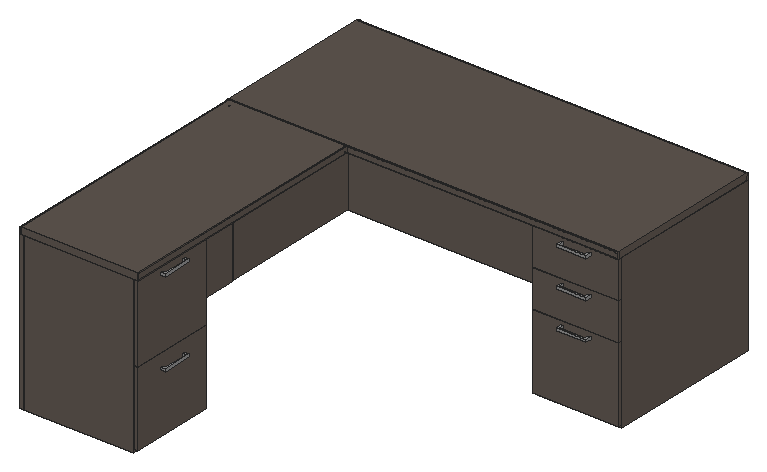
Revit family "T100296", category Furniture, Revit 2022 (continued)
Definition of nested family "OFS ELEMENT OPEN L DESK LEFT AND RIGHT 84in Width 60in Return"
  Dimensions and locks (in)
    aligned and locked: plane 38 to Extrusion 12 sketch curve  (x2)
    aligned and locked: plane 15 to Extrusion 12
    aligned and locked: Extrusion 12 to plane 39
    aligned and locked: Extrusion 13 sketch curve to Extrusion 8  (x2)
    aligned and locked: Extrusion 13 sketch curve to Extrusion 12  (x2)
    aligned and locked: Extrusion 13 to plane 40
    aligned and locked: plane 15 to Extrusion 13
    aligned and locked: Extrusion 14 sketch curve to Extrusion 8  (x2)
    aligned and locked: plane 29 to Extrusion 14 sketch curve
    aligned and locked: Extrusion 14 sketch curve to plane 38
    aligned and locked: Extrusion 14 to plane 39
    aligned and locked: plane 41 to Extrusion 14
    aligned and locked: Extrusion 15 to plane 41
    aligned and locked: Extrusion 16 to plane 41
    aligned and locked: Extrusion 17 to plane 41
    aligned and locked: plane 40 to Extrusion 15
    aligned and locked: plane 40 to Extrusion 16
    aligned and locked: plane 40 to Extrusion 17
    aligned and locked: plane 29 to Extrusion 18 sketch curve
    aligned and locked: plane 45 to Extrusion 18 sketch curve
    aligned and locked: Extrusion 18 sketch curve to plane 26
    aligned and locked: plane 45 to Extrusion 19
    aligned and locked: plane 29 to Extrusion 19
    aligned and locked: Extrusion 18 sketch curve to plane 34
    aligned and locked: Extrusion 19 to Extrusion 18 sketch curve
    aligned and locked: Extrusion 18 to Extrusion 19
    aligned and locked: Extrusion 20 sketch curve to plane 47
    aligned and locked: plane 35 to Extrusion 20 sketch curve
    aligned and locked: Extrusion 18 to Extrusion 20 sketch curve
    aligned and locked: Extrusion 20 sketch curve to Extrusion 18  (x2)
    aligned and locked: Extrusion 20 sketch curve to plane 48
    aligned and locked: plane 48 to Extrusion 20 sketch curve
    aligned and locked: Extrusion 21 sketch curve to Extrusion 18  (x2)
    aligned and locked: Extrusion 21 sketch curve to Extrusion 20  (x2)
    aligned and locked: Extrusion 22 sketch curve to Extrusion 18  (x2)
    aligned and locked: Extrusion 22 sketch curve to plane 29
    aligned and locked: plane 48 to Extrusion 22 sketch curve
    aligned and locked: Extrusion 26 to Extrusion 27 sketch curve
    aligned and locked: Extrusion 27 sketch curve to Extrusion 26
    aligned and locked: Extrusion 26 to Extrusion 33
    aligned and locked: plane 55 to Extrusion 35
    aligned and locked: plane 54 to Extrusion 35
  Automatic sketch dimensions
    Extrusion 1 sketch curve to plane 3 "Center Left/Right" = 0"
    plane 6 "Front External" to Extrusion 1 sketch curve = 0"
    Extrusion 1 sketch curve to plane 10 = 0"
    Extrusion 2 sketch curve to plane 3 "Center Left/Right" = 0"
    Extrusion 2 sketch curve to plane 10 = 0"
    Extrusion 2 sketch curve to plane 14 = 0"
    Extrusion 2 sketch curve to plane 13 = 0"
    Extrusion 3 sketch curve to plane 3 "Center Left/Right" = 0"
    Extrusion 3 sketch curve to plane 5 "Right External" = 0"
    Extrusion 3 sketch curve to plane 14 = 0"
    Extrusion 3 sketch curve to plane 4 "Back External" = 0"
    Extrusion 4 sketch curve to plane 21 = 0"
    Extrusion 4 sketch curve to plane 13 = 1.6154"
    Extrusion 5 sketch curve to plane 21 = 0"
    plane 14 to Extrusion 5 sketch curve = 1.6346"
    Extrusion 6 sketch curve to plane 20 = 0"
    Extrusion 6 sketch curve to plane 13 = 1.6154"
    Extrusion 7 sketch curve to plane 20 = 0"
    plane 14 to Extrusion 7 sketch curve = 1.6346"
    Extrusion 8 sketch curve to plane 7 "Left External" = 0"
    Extrusion 8 sketch curve to plane 11 = 0"
    Extrusion 9 sketch curve to plane 11 = 0"
    Extrusion 9 sketch curve to plane 27 = 0"
    Extrusion 9 sketch curve to plane 29 = 0"
    Extrusion 9 sketch curve to plane 34 = 0"
    Extrusion 10 sketch curve to plane 24 = 0"
    Extrusion 10 sketch curve to plane 33 = 0"
    plane 22 to Extrusion 10 sketch curve = 0"
    Extrusion 10 sketch curve to plane 23 = 0"
    Extrusion 11 sketch curve to plane 3 "Center Left/Right" = 0"
    plane 1 "Center Front/Back" to Extrusion 11 sketch curve = 0"
    Extrusion 11 sketch curve to plane 13 = 0"
    Extrusion 11 sketch curve to Extrusion 11 sketch curve = 1 3/16"
    Extrusion 12 sketch curve to plane 37 = 0"
    Extrusion 15 sketch curve to plane 36 = 0"
    Extrusion 15 sketch curve to plane 44 = 0"
    Extrusion 15 sketch curve to plane 43 = 1/8"
    plane 43 to Extrusion 15 sketch curve = 1/8"
    Extrusion 16 sketch curve to plane 36 = 0"
    Extrusion 16 sketch curve to plane 44 = 0"
    Extrusion 16 sketch curve to plane 32 = 1/8"
    plane 32 to Extrusion 16 sketch curve = 1/8"
    Extrusion 17 sketch curve to plane 36 = 0"
    Extrusion 17 sketch curve to plane 44 = 0"
    Extrusion 17 sketch curve to plane 42 = 1/8"
    plane 42 to Extrusion 17 sketch curve = 1/8"
    Extrusion 18 sketch curve to plane 5 "Right External" = 0"
    Extrusion 18 sketch curve to plane 10 = 0"
    Extrusion 18 sketch curve to plane 6 "Front External" = 0"
    Extrusion 19 sketch curve to plane 10 = 0"
    Extrusion 19 sketch curve to plane 28 = 0"
    Extrusion 19 sketch curve to plane 29 = 0"
    plane 34 to Extrusion 19 sketch curve = 0"
    plane 37 to Extrusion 20 sketch curve = 0"
    plane 20 to Extrusion 20 sketch curve = 11/16"
    Extrusion 23 sketch curve to plane 51 = 0"
    plane 43 to Extrusion 23 sketch curve = 1/8"
    Extrusion 23 sketch curve to plane 43 = 1/8"
    plane 20 to Extrusion 23 sketch curve = 11/16"
    Extrusion 24 sketch curve to plane 51 = 0"
    plane 32 to Extrusion 24 sketch curve = 1/8"
    Extrusion 24 sketch curve to plane 32 = 1/8"
    plane 20 to Extrusion 24 sketch curve = 11/16"
    Extrusion 25 sketch curve to plane 51 = 0"
    plane 42 to Extrusion 25 sketch curve = 1/8"
    Extrusion 25 sketch curve to plane 42 = 1/8"
    plane 20 to Extrusion 25 sketch curve = 11/16"
    Extrusion 26 sketch curve to plane 5 "Right External" = 0"
    Extrusion 26 sketch curve to plane 13 = 0"
    Extrusion 26 sketch curve to plane 11 = 0"
    Extrusion 26 sketch curve to plane 6 "Front External" = 0"
    plane 22 to Extrusion 26 sketch curve = 1/2"
    Extrusion 27 sketch curve to plane 3 "Center Left/Right" = 0"
    Extrusion 27 sketch curve to plane 7 "Left External" = 0"
    Extrusion 27 sketch curve to plane 13 = 0"
    Extrusion 27 sketch curve to plane 12 = 0"
    Extrusion 28 sketch curve to plane 3 "Center Left/Right" = 0"
    Extrusion 28 sketch curve to plane 7 "Left External" = 0"
    Extrusion 28 sketch curve to plane 4 "Back External" = 0"
    Extrusion 28 sketch curve to plane 14 = 0"
    Extrusion 29 sketch curve to plane 53 = 0"
    plane 13 to Extrusion 29 sketch curve = 1.6154"
    Extrusion 30 sketch curve to plane 53 = 0"
    Extrusion 30 sketch curve to plane 14 = 1.6346"
    Extrusion 31 sketch curve to plane 52 = 0"
    plane 13 to Extrusion 31 sketch curve = 1.6154"
    Extrusion 32 sketch curve to plane 52 = 0"
    Extrusion 32 sketch curve to plane 14 = 1.6346"
    Extrusion 33 sketch curve to plane 3 "Center Left/Right" = 0"
    plane 1 "Center Front/Back" to Extrusion 33 sketch curve = 0"
    Extrusion 33 sketch curve to plane 13 = 0"
    Extrusion 33 sketch curve to Extrusion 33 sketch curve = 1 3/16"
    Extrusion 34 sketch curve to plane 3 "Center Left/Right" = 0"
    Extrusion 34 sketch curve to plane 11 = 0"
    Extrusion 34 sketch curve to plane 13 = 0"
    Extrusion 34 sketch curve to plane 14 = 0"
    Extrusion 35 sketch curve to plane 24 = 0"
    plane 55 to Extrusion 35 sketch curve = 0"
    Extrusion 35 sketch curve to plane 23 = 0"
    plane 54 to Extrusion 35 sketch curve = 0"
    Extrusion 36 sketch curve to plane 7 "Left External" = 0"
    Extrusion 36 sketch curve to plane 13 = 0"
    Extrusion 36 sketch curve to plane 10 = 0"
    plane 6 "Front External" to Extrusion 36 sketch curve = 0"
    Extrusion 36 sketch curve to plane 54 = 1/2"
    radius of Extrusion 4 sketch curve = 5/8"
    radius of Extrusion 5 sketch curve = 5/8"
    radius of Extrusion 6 sketch curve = 5/8"
    radius of Extrusion 7 sketch curve = 5/8"
    radius of Extrusion 29 sketch curve = 5/8"
    radius of Extrusion 30 sketch curve = 5/8"
    radius of Extrusion 31 sketch curve = 5/8"
    radius of Extrusion 32 sketch curve = 5/8"
Types (3): name | Description
  (no name) | "OFS TYPICAL T100296"
  T100 | "OFS TYPICAL T100"
  T100296 | "OFS TYPICAL T100296"
